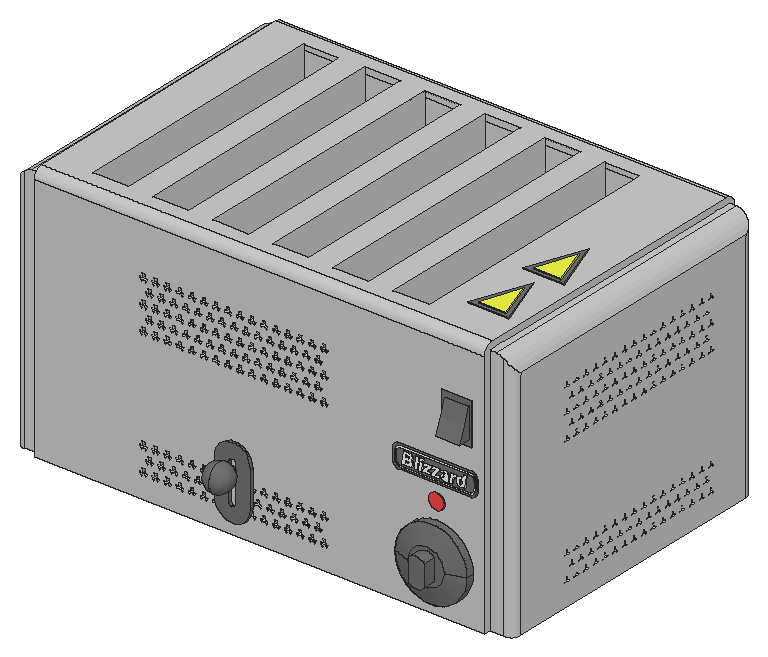
Revit family "QF_BLIZZARD_B6ST", category Specialty Equipment, Revit 2016
Family settings
  Part Type = Normal
  Round Connector Dimension = Use Diameter
  OmniClass Number = 23.40.40.14
  OmniClass Title = Food Service Equipment
  Work Plane-Based = No
  Always vertical = Yes
  Cut with Voids When Loaded = No
  Shared = No
  Room Calculation Point = No
Parameters (values of type "B6ST")
  URL = "www.blizzardequipment.com"
  Show Logo [instance] = yes
  Show Clearance [instance] = yes
  Model = "B6ST"
  Manufacturer = "BLIZZARD"
  Description = "STAINLESS STEEL 6 SLOT TOASTER 2500W"
  Assembly Code = "E1090320"
Reference planes
  plane 1 "Back": y = 0
  plane 2: z = 0
  plane 3 "Left": x = 0
  plane 4 "Right": x = 414
  plane 5 "Front": y = -259
  plane 6 "Top": z = 214
Forms (mm)
  Extrusion 1, solid
    sketch origin (-174.09, 571, -292.572) x (1, 0, 0) y (0, 0, 1)
      loop
        circle (528.422, 332.977) r 30
    from 830 to 836
  Extrusion 2, solid
    sketch origin (0, 0, 0) x (1, 0, 0) y (0, 1, 0)
      loop
        arc (8, -5) -> (2.343, -7.343) -> (0, -13) r 8
        line (0, -13) -> (0, -246)
        arc (0, -246) -> (2.343, -251.657) -> (8, -254) r 8
        line (8, -254) -> (20.004, -254) -> (20.004, -5) -> (8, -5)
    from 0 to 209
  Extrusion 3, void
    sketch origin (0, 0, 0) x (1, 0, 0) y (0, 0, 1)
      loop
        line (20.045, 210) -> (-1, 210) -> (-1, 188.955)
        arc (-1, 188.955) -> (5.164, 203.836) -> (20.045, 210) r 21.045
    from -5.883 to 274
  Extrusion 4, solid
    sketch origin (0, 0, 0) x (0, 1, 0) y (0, 0, 1)
      loop
        line (-5, 0) -> (0, 0) -> (0, 206)
        arc (0, 206) -> (-2.343, 211.657) -> (-8, 214) r 8
        line (-8, 214) -> (-19.5, 214) -> (-19.5, 209) -> (-13, 209)
        arc (-13, 209) -> (-7.343, 206.657) -> (-5, 201) r 8
        line (-5, 201) -> (-5, 0)
      loop
        line (-239.5, 214) -> (-251, 214)
        arc (-251, 214) -> (-256.657, 211.657) -> (-259, 206) r 8
        line (-259, 206) -> (-259, 0) -> (-254, 0) -> (-254, 201)
        arc (-254, 201) -> (-251.657, 206.657) -> (-246, 209) r 8
        line (-246, 209) -> (-239.5, 209) -> (-239.5, 214)
    from 20.004 to 393.996
  Extrusion 5, solid
    sketch origin (414, 0, 0) x (-1, 0, 0) y (0, -1, 0)
      loop
        line (8, 5) -> (20.004, 5) -> (20.004, 254) -> (8, 254)
        arc (8, 254) -> (2.343, 251.657) -> (0, 246) r 8
        line (0, 246) -> (0, 13)
        arc (0, 13) -> (2.343, 7.343) -> (8, 5) r 8
    from 0 to 209
  Extrusion 6, void
    sketch origin (414, 0, 0) x (-1, 0, 0) y (0, 0, -1)
      loop
        arc (20.045, -210) -> (5.164, -203.836) -> (-1, -188.955) r 21.045
        line (-1, -188.955) -> (-1, -210) -> (20.045, -210)
    from -5.883 to 274
  Blend 7, solid
    base sketch origin (14.142, 4, -14.142) x (1, 0, 0) y (0, 0, 1)
      loop
        circle (340.19, 54.547) r 30
    top sketch origin (14.142, 0, -14.142) x (1, 0, 0) y (0, 0, 1)
      loop
        circle (340.19, 54.547) r 15
    from 269 to 270
  Extrusion 8, solid
    sketch origin (14.142, 0, -14.142) x (1, 0, 0) y (0, 0, 1)
      loop
        line (333.878, 63.993) -> (333.878, 45.1)
        arc (333.878, 45.1) -> (340.399, 42.549) -> (346.795, 45.397) r 9.078
        line (346.795, 45.397) -> (346.795, 63.696)
        arc (346.795, 63.696) -> (340.399, 66.544) -> (333.878, 63.993) r 9.078
    from 270 to 280
  Extrusion 9, solid, visible <- "Show Logo"
    sketch origin (295.541, -257.2, -35.819) x (1, 0, 0) y (0, 0, 1)
      loop
        arc (22.13, 139.05) -> (23.822, 134.965) -> (27.907, 133.273) r 5.777
        line (27.907, 133.273) -> (86.809, 133.273)
        arc (86.809, 133.273) -> (90.894, 134.965) -> (92.585, 139.05) r 5.777
        line (92.585, 139.05) -> (92.585, 147.215)
        arc (92.585, 147.215) -> (90.894, 151.299) -> (86.809, 152.991) r 5.777
        line (86.809, 152.991) -> (27.907, 152.991)
        arc (27.907, 152.991) -> (23.822, 151.299) -> (22.13, 147.215) r 5.777
        line (22.13, 147.215) -> (22.13, 139.05)
    from 0 to 2
  Extrusion 10, solid, visible <- "Show Logo"
    sketch origin (295.541, -257.4, -30.81) x (1, 0, 0) y (0, 0, 1)
      loop
        line (30.3, 133.137) -> (36.162, 133.137)
        arc (36.162, 133.137) -> (39.122, 134.994) -> (38.048, 138.319) r 2.844
        arc (38.048, 138.319) -> (38.838, 141.267) -> (36.338, 143.017) r 2.66
        line (36.338, 143.017) -> (31.338, 143.017) -> (30.3, 133.137)
      loop
        line (33.066, 135.126) -> (35.993, 135.126)
        arc (35.993, 135.126) -> (36.943, 136.076) -> (35.993, 137.026) r 0.95
        line (35.993, 137.026) -> (33.066, 137.026) -> (33.066, 135.126)
      loop
        line (33.528, 139.285) -> (36.147, 139.285)
        arc (36.147, 139.285) -> (36.994, 140.133) -> (36.147, 140.98) r 0.847
        line (36.147, 140.98) -> (33.528, 140.98) -> (33.528, 139.285)
      loop
        line (40.306, 133.137) -> (42.874, 133.137) -> (43.912, 143.017) -> (41.344, 143.017) -> (40.306, 133.137)
      loop
        line (45.174, 140.98) -> (47.749, 140.98) -> (47.964, 143.017) -> (45.389, 143.017) -> (45.174, 140.98)
      loop
        line (45.104, 140.313) -> (44.35, 133.137) -> (46.671, 133.137) -> (47.425, 140.313) -> (45.104, 140.313)
      loop
        line (48.314, 138.359) -> (51.196, 138.359) -> (47.765, 134.548) -> (47.765, 133.137) -> (54.184, 133.137) -> (54.393, 135.126) -> (51.213, 135.126) -> (54.657, 138.952) -> (54.657, 140.313) -> (48.519, 140.313) -> (48.314, 138.359)
      loop
        line (55.213, 138.359) -> (58.095, 138.359) -> (54.664, 134.548) -> (54.664, 133.137) -> (61.084, 133.137) -> (61.293, 135.126) -> (58.112, 135.126) -> (61.557, 138.952) -> (61.557, 140.313) -> (55.419, 140.313) -> (55.213, 138.359)
      loop
        arc (64.816, 137.983) -> (65.785, 138.952) -> (66.753, 137.983) r 0.969
        line (66.753, 137.983) -> (64.711, 137.436)
        arc (64.711, 137.436) -> (62.642, 134.297) -> (66.342, 133.633) r 2.251
        line (66.342, 133.633) -> (66.77, 132.921) -> (69.168, 132.921) -> (68.641, 134.052) -> (69.084, 138.274)
        arc (69.084, 138.274) -> (65.782, 140.567) -> (62.514, 138.225) r 3.488
        line (62.514, 138.225) -> (64.816, 137.983)
      loop
        line (69.848, 133.137) -> (72.232, 133.137) -> (72.59, 136.546)
        arc (72.59, 136.546) -> (73.413, 137.974) -> (75.025, 138.32) r 2.029
        line (75.025, 138.32) -> (75.83, 140.313)
        arc (75.83, 140.313) -> (74.279, 140.541) -> (72.927, 139.749) r 2.362
        line (72.927, 139.749) -> (72.927, 140.627) -> (70.635, 140.627) -> (69.848, 133.137)
      loop
        line (82.596, 133.137) -> (83.635, 143.017) -> (81.373, 143.017) -> (81.031, 139.764)
        arc (81.031, 139.764) -> (75.402, 137.124) -> (80.359, 133.372) r 3.631
        line (80.359, 133.372) -> (82.596, 133.137)
      loop
        spline (78.956, 134.82) -> (79.32, 134.851) -> (79.675, 135.016) -> (79.994, 135.304) -> (80.258, 135.695) -> (80.446, 136.164) -> (80.548, 136.677) -> (80.555, 137.2) -> (80.468, 137.697) -> (80.292, 138.134) -> (80.039, 138.483) -> (79.727, 138.718) -> (79.376, 138.823)
        spline (79.376, 138.823) -> (79.011, 138.793) -> (78.657, 138.628) -> (78.338, 138.34) -> (78.074, 137.948) -> (77.886, 137.48) -> (77.784, 136.967) -> (77.777, 136.444) -> (77.864, 135.947) -> (78.04, 135.509) -> (78.293, 135.161) -> (78.605, 134.926) -> (78.956, 134.82)
      loop
        line (66.385, 136.28) -> (64.729, 135.958)
        arc (64.729, 135.958) -> (64.361, 135.233) -> (65.042, 134.788) r 0.609
        arc (65.042, 134.788) -> (66.068, 135.215) -> (66.385, 136.28) r 1.295
      loop
        line (85.459, 146.184) -> (29.578, 146.184)
        arc (29.578, 146.184) -> (25.494, 144.492) -> (23.802, 140.407) r 5.777
        line (23.802, 140.407) -> (23.802, 135.662)
        arc (23.802, 135.662) -> (25.494, 131.578) -> (29.578, 129.886) r 5.777
        line (29.578, 129.886) -> (85.459, 129.886)
        arc (85.459, 129.886) -> (89.544, 131.578) -> (91.236, 135.662) r 5.777
        line (91.236, 135.662) -> (91.236, 140.407)
        arc (91.236, 140.407) -> (89.544, 144.492) -> (85.459, 146.184) r 5.777
      loop
        line (85.459, 145.184) -> (29.578, 145.184)
        arc (29.578, 145.184) -> (26.201, 143.785) -> (24.802, 140.407) r 4.777
        line (24.802, 140.407) -> (24.802, 135.662)
        arc (24.802, 135.662) -> (26.201, 132.285) -> (29.578, 130.886) r 4.777
        line (29.578, 130.886) -> (85.459, 130.886)
        arc (85.459, 130.886) -> (88.837, 132.285) -> (90.236, 135.662) r 4.777
        line (90.236, 135.662) -> (90.236, 140.407)
        arc (90.236, 140.407) -> (88.837, 143.785) -> (85.459, 145.184) r 4.777
    from 0 to 2
  Extrusion 11, solid
    sketch origin (301.566, -258.073, 333.205) x (0, 0, -1) y (1, 0, 0)
      loop
        circle (248.792, 52.683) r 6.466
    from -0.205 to 1.127
  Extrusion 12, solid
    sketch origin (301.566, -258.073, 393.205) x (0, 0, -1) y (1, 0, 0)
      loop
        line (223.553, 57.091) -> (258.553, 57.091) -> (258.553, 82.091) -> (223.553, 82.091) -> (223.553, 57.091)
    from -0.205 to 1.127
  Extrusion 13, solid
    sketch origin (0.219, 0, 0) x (0, 1, 0) y (0, 0, 1)
      loop
        line (-259.2, 139.652) -> (-259.2, 164.652)
        arc (-259.2, 164.652) -> (-263.234, 151.766) -> (-269.2, 139.652) r 87.603
        line (-269.2, 139.652) -> (-259.2, 139.652)
    from 360.937 to 380.937
  Extrusion 14, solid
    sketch origin (0, 0, -23.912) x (1, 0, 0) y (0, 1, 0)
      loop
        line (349.435, -220.926) -> (383.637, -220.926) -> (366.536, -173.941) -> (349.435, -220.926)
    from 236.112 to 238.112
  Extrusion 15, solid
    sketch origin (0, 0, -23.712) x (1, 0, 0) y (0, 1, 0)
      loop
        line (355.163, -217.052) -> (377.909, -217.052) -> (366.536, -184.022) -> (355.163, -217.052)
    from 236.112 to 238.112
  Extrusion 16, solid
    sketch origin (0, 57.483, -23.912) x (1, 0, 0) y (0, 1, 0)
      loop
        line (349.435, -220.926) -> (383.637, -220.926) -> (366.536, -173.941) -> (349.435, -220.926)
    from 236.112 to 238.112
  Extrusion 17, solid
    sketch origin (0, 57.483, -23.712) x (1, 0, 0) y (0, 1, 0)
      loop
        line (355.163, -217.052) -> (377.909, -217.052) -> (366.536, -184.022) -> (355.163, -217.052)
    from 236.112 to 238.112
  Extrusion 18, void
    sketch origin (-237.181, 0, 0.393) x (1, 0, 0) y (0, 0, 1)
      loop
        arc (346.638, 167.822) -> (347.197, 165.546) -> (344.946, 164.892) r 1.694
        arc (344.946, 164.892) -> (345.397, 163.216) -> (346.622, 161.988) r 3.369
        arc (346.622, 161.988) -> (348.314, 163.61) -> (350.006, 161.988) r 1.694
        arc (350.006, 161.988) -> (351.232, 163.216) -> (351.683, 164.892) r 3.369
        arc (351.683, 164.892) -> (349.432, 165.546) -> (349.991, 167.822) r 1.694
        arc (349.991, 167.822) -> (348.314, 168.269) -> (346.638, 167.822) r 3.369
      loop
        arc (356.638, 167.822) -> (357.197, 165.546) -> (354.946, 164.892) r 1.694
        arc (354.946, 164.892) -> (355.397, 163.216) -> (356.622, 161.988) r 3.369
        arc (356.622, 161.988) -> (358.314, 163.61) -> (360.006, 161.988) r 1.694
        arc (360.006, 161.988) -> (361.232, 163.216) -> (361.683, 164.892) r 3.369
        arc (361.683, 164.892) -> (359.432, 165.546) -> (359.991, 167.822) r 1.694
        arc (359.991, 167.822) -> (358.314, 168.269) -> (356.638, 167.822) r 3.369
      loop
        arc (366.638, 167.822) -> (367.197, 165.546) -> (364.946, 164.892) r 1.694
        arc (364.946, 164.892) -> (365.397, 163.216) -> (366.622, 161.988) r 3.369
        arc (366.622, 161.988) -> (368.314, 163.61) -> (370.006, 161.988) r 1.694
        arc (370.006, 161.988) -> (371.232, 163.216) -> (371.683, 164.892) r 3.369
        arc (371.683, 164.892) -> (369.432, 165.546) -> (369.991, 167.822) r 1.694
        arc (369.991, 167.822) -> (368.314, 168.269) -> (366.638, 167.822) r 3.369
      loop
        arc (376.638, 167.822) -> (377.197, 165.546) -> (374.946, 164.892) r 1.694
        arc (374.946, 164.892) -> (375.397, 163.216) -> (376.622, 161.988) r 3.369
        arc (376.622, 161.988) -> (378.314, 163.61) -> (380.006, 161.988) r 1.694
        arc (380.006, 161.988) -> (381.232, 163.216) -> (381.683, 164.892) r 3.369
        arc (381.683, 164.892) -> (379.432, 165.546) -> (379.991, 167.822) r 1.694
        arc (379.991, 167.822) -> (378.314, 168.269) -> (376.638, 167.822) r 3.369
      loop
        arc (386.638, 167.822) -> (387.197, 165.546) -> (384.946, 164.892) r 1.694
        arc (384.946, 164.892) -> (385.397, 163.216) -> (386.622, 161.988) r 3.369
        arc (386.622, 161.988) -> (388.314, 163.61) -> (390.006, 161.988) r 1.694
        arc (390.006, 161.988) -> (391.232, 163.216) -> (391.683, 164.892) r 3.369
        arc (391.683, 164.892) -> (389.432, 165.546) -> (389.991, 167.822) r 1.694
        arc (389.991, 167.822) -> (388.314, 168.269) -> (386.638, 167.822) r 3.369
      loop
        arc (396.638, 167.822) -> (397.197, 165.546) -> (394.946, 164.892) r 1.694
        arc (394.946, 164.892) -> (395.397, 163.216) -> (396.622, 161.988) r 3.369
        arc (396.622, 161.988) -> (398.314, 163.61) -> (400.006, 161.988) r 1.694
        arc (400.006, 161.988) -> (401.232, 163.216) -> (401.683, 164.892) r 3.369
        arc (401.683, 164.892) -> (399.432, 165.546) -> (399.991, 167.822) r 1.694
        arc (399.991, 167.822) -> (398.314, 168.269) -> (396.638, 167.822) r 3.369
      loop
        arc (406.638, 167.822) -> (407.197, 165.546) -> (404.946, 164.892) r 1.694
        arc (404.946, 164.892) -> (405.397, 163.216) -> (406.622, 161.988) r 3.369
        arc (406.622, 161.988) -> (408.314, 163.61) -> (410.006, 161.988) r 1.694
        arc (410.006, 161.988) -> (411.232, 163.216) -> (411.683, 164.892) r 3.369
        arc (411.683, 164.892) -> (409.432, 165.546) -> (409.991, 167.822) r 1.694
        arc (409.991, 167.822) -> (408.314, 168.269) -> (406.638, 167.822) r 3.369
      loop
        arc (416.638, 167.822) -> (417.197, 165.546) -> (414.946, 164.892) r 1.694
        arc (414.946, 164.892) -> (415.397, 163.216) -> (416.622, 161.988) r 3.369
        arc (416.622, 161.988) -> (418.314, 163.61) -> (420.006, 161.988) r 1.694
        arc (420.006, 161.988) -> (421.232, 163.216) -> (421.683, 164.892) r 3.369
        arc (421.683, 164.892) -> (419.432, 165.546) -> (419.991, 167.822) r 1.694
        arc (419.991, 167.822) -> (418.314, 168.269) -> (416.638, 167.822) r 3.369
      loop
        arc (426.638, 167.822) -> (427.197, 165.546) -> (424.946, 164.892) r 1.694
        arc (424.946, 164.892) -> (425.397, 163.216) -> (426.622, 161.988) r 3.369
        arc (426.622, 161.988) -> (428.314, 163.61) -> (430.006, 161.988) r 1.694
        arc (430.006, 161.988) -> (431.232, 163.216) -> (431.683, 164.892) r 3.369
        arc (431.683, 164.892) -> (429.432, 165.546) -> (429.991, 167.822) r 1.694
        arc (429.991, 167.822) -> (428.314, 168.269) -> (426.638, 167.822) r 3.369
      loop
        arc (436.638, 167.822) -> (437.197, 165.546) -> (434.946, 164.892) r 1.694
        arc (434.946, 164.892) -> (435.397, 163.216) -> (436.622, 161.988) r 3.369
        arc (436.622, 161.988) -> (438.314, 163.61) -> (440.006, 161.988) r 1.694
        arc (440.006, 161.988) -> (441.232, 163.216) -> (441.683, 164.892) r 3.369
        arc (441.683, 164.892) -> (439.432, 165.546) -> (439.991, 167.822) r 1.694
        arc (439.991, 167.822) -> (438.314, 168.269) -> (436.638, 167.822) r 3.369
      loop
        arc (446.638, 167.822) -> (447.197, 165.546) -> (444.946, 164.892) r 1.694
        arc (444.946, 164.892) -> (445.397, 163.216) -> (446.622, 161.988) r 3.369
        arc (446.622, 161.988) -> (448.314, 163.61) -> (450.006, 161.988) r 1.694
        arc (450.006, 161.988) -> (451.232, 163.216) -> (451.683, 164.892) r 3.369
        arc (451.683, 164.892) -> (449.432, 165.546) -> (449.991, 167.822) r 1.694
        arc (449.991, 167.822) -> (448.314, 168.269) -> (446.638, 167.822) r 3.369
      loop
        arc (456.638, 167.822) -> (457.197, 165.546) -> (454.946, 164.892) r 1.694
        arc (454.946, 164.892) -> (455.397, 163.216) -> (456.622, 161.988) r 3.369
        arc (456.622, 161.988) -> (458.314, 163.61) -> (460.006, 161.988) r 1.694
        arc (460.006, 161.988) -> (461.232, 163.216) -> (461.683, 164.892) r 3.369
        arc (461.683, 164.892) -> (459.432, 165.546) -> (459.991, 167.822) r 1.694
        arc (459.991, 167.822) -> (458.314, 168.269) -> (456.638, 167.822) r 3.369
      loop
        arc (466.638, 167.822) -> (467.197, 165.546) -> (464.946, 164.892) r 1.694
        arc (464.946, 164.892) -> (465.397, 163.216) -> (466.622, 161.988) r 3.369
        arc (466.622, 161.988) -> (468.314, 163.61) -> (470.006, 161.988) r 1.694
        arc (470.006, 161.988) -> (471.232, 163.216) -> (471.683, 164.892) r 3.369
        arc (471.683, 164.892) -> (469.432, 165.546) -> (469.991, 167.822) r 1.694
        arc (469.991, 167.822) -> (468.314, 168.269) -> (466.638, 167.822) r 3.369
      loop
        arc (476.638, 167.822) -> (477.197, 165.546) -> (474.946, 164.892) r 1.694
        arc (474.946, 164.892) -> (475.397, 163.216) -> (476.622, 161.988) r 3.369
        arc (476.622, 161.988) -> (478.314, 163.61) -> (480.006, 161.988) r 1.694
        arc (480.006, 161.988) -> (481.232, 163.216) -> (481.683, 164.892) r 3.369
        arc (481.683, 164.892) -> (479.432, 165.546) -> (479.991, 167.822) r 1.694
        arc (479.991, 167.822) -> (478.314, 168.269) -> (476.638, 167.822) r 3.369
      loop
        arc (486.638, 167.822) -> (487.197, 165.546) -> (484.946, 164.892) r 1.694
        arc (484.946, 164.892) -> (485.397, 163.216) -> (486.622, 161.988) r 3.369
        arc (486.622, 161.988) -> (488.314, 163.61) -> (490.006, 161.988) r 1.694
        arc (490.006, 161.988) -> (491.232, 163.216) -> (491.683, 164.892) r 3.369
        arc (491.683, 164.892) -> (489.432, 165.546) -> (489.991, 167.822) r 1.694
        arc (489.991, 167.822) -> (488.314, 168.269) -> (486.638, 167.822) r 3.369
      loop
        arc (496.638, 167.822) -> (497.197, 165.546) -> (494.946, 164.892) r 1.694
        arc (494.946, 164.892) -> (495.397, 163.216) -> (496.622, 161.988) r 3.369
        arc (496.622, 161.988) -> (498.314, 163.61) -> (500.006, 161.988) r 1.694
        arc (500.006, 161.988) -> (501.232, 163.216) -> (501.683, 164.892) r 3.369
        arc (501.683, 164.892) -> (499.432, 165.546) -> (499.991, 167.822) r 1.694
        arc (499.991, 167.822) -> (498.314, 168.269) -> (496.638, 167.822) r 3.369
      loop
        arc (351.638, 157.822) -> (352.197, 155.546) -> (349.946, 154.892) r 1.694
        arc (349.946, 154.892) -> (350.397, 153.216) -> (351.622, 151.988) r 3.369
        arc (351.622, 151.988) -> (353.314, 153.61) -> (355.006, 151.988) r 1.694
        arc (355.006, 151.988) -> (356.232, 153.216) -> (356.683, 154.892) r 3.369
        arc (356.683, 154.892) -> (354.432, 155.546) -> (354.991, 157.822) r 1.694
        arc (354.991, 157.822) -> (353.314, 158.269) -> (351.638, 157.822) r 3.369
      loop
        arc (361.638, 157.822) -> (362.197, 155.546) -> (359.946, 154.892) r 1.694
        arc (359.946, 154.892) -> (360.397, 153.216) -> (361.622, 151.988) r 3.369
        arc (361.622, 151.988) -> (363.314, 153.61) -> (365.006, 151.988) r 1.694
        arc (365.006, 151.988) -> (366.232, 153.216) -> (366.683, 154.892) r 3.369
        arc (366.683, 154.892) -> (364.432, 155.546) -> (364.991, 157.822) r 1.694
        arc (364.991, 157.822) -> (363.314, 158.269) -> (361.638, 157.822) r 3.369
      loop
        arc (371.638, 157.822) -> (372.197, 155.546) -> (369.946, 154.892) r 1.694
        arc (369.946, 154.892) -> (370.397, 153.216) -> (371.622, 151.988) r 3.369
        arc (371.622, 151.988) -> (373.314, 153.61) -> (375.006, 151.988) r 1.694
        arc (375.006, 151.988) -> (376.232, 153.216) -> (376.683, 154.892) r 3.369
        arc (376.683, 154.892) -> (374.432, 155.546) -> (374.991, 157.822) r 1.694
        arc (374.991, 157.822) -> (373.314, 158.269) -> (371.638, 157.822) r 3.369
      loop
        arc (381.638, 157.822) -> (382.197, 155.546) -> (379.946, 154.892) r 1.694
        arc (379.946, 154.892) -> (380.397, 153.216) -> (381.622, 151.988) r 3.369
        arc (381.622, 151.988) -> (383.314, 153.61) -> (385.006, 151.988) r 1.694
        arc (385.006, 151.988) -> (386.232, 153.216) -> (386.683, 154.892) r 3.369
        arc (386.683, 154.892) -> (384.432, 155.546) -> (384.991, 157.822) r 1.694
        arc (384.991, 157.822) -> (383.314, 158.269) -> (381.638, 157.822) r 3.369
      loop
        arc (391.638, 157.822) -> (392.197, 155.546) -> (389.946, 154.892) r 1.694
        arc (389.946, 154.892) -> (390.397, 153.216) -> (391.622, 151.988) r 3.369
        arc (391.622, 151.988) -> (393.314, 153.61) -> (395.006, 151.988) r 1.694
        arc (395.006, 151.988) -> (396.232, 153.216) -> (396.683, 154.892) r 3.369
        arc (396.683, 154.892) -> (394.432, 155.546) -> (394.991, 157.822) r 1.694
        arc (394.991, 157.822) -> (393.314, 158.269) -> (391.638, 157.822) r 3.369
      loop
        arc (401.638, 157.822) -> (402.197, 155.546) -> (399.946, 154.892) r 1.694
        arc (399.946, 154.892) -> (400.397, 153.216) -> (401.622, 151.988) r 3.369
        arc (401.622, 151.988) -> (403.314, 153.61) -> (405.006, 151.988) r 1.694
        arc (405.006, 151.988) -> (406.232, 153.216) -> (406.683, 154.892) r 3.369
        arc (406.683, 154.892) -> (404.432, 155.546) -> (404.991, 157.822) r 1.694
        arc (404.991, 157.822) -> (403.314, 158.269) -> (401.638, 157.822) r 3.369
      loop
        arc (411.638, 157.822) -> (412.197, 155.546) -> (409.946, 154.892) r 1.694
        arc (409.946, 154.892) -> (410.397, 153.216) -> (411.622, 151.988) r 3.369
        arc (411.622, 151.988) -> (413.314, 153.61) -> (415.006, 151.988) r 1.694
        arc (415.006, 151.988) -> (416.232, 153.216) -> (416.683, 154.892) r 3.369
        arc (416.683, 154.892) -> (414.432, 155.546) -> (414.991, 157.822) r 1.694
        arc (414.991, 157.822) -> (413.314, 158.269) -> (411.638, 157.822) r 3.369
      loop
        arc (421.638, 157.822) -> (422.197, 155.546) -> (419.946, 154.892) r 1.694
        arc (419.946, 154.892) -> (420.397, 153.216) -> (421.622, 151.988) r 3.369
        arc (421.622, 151.988) -> (423.314, 153.61) -> (425.006, 151.988) r 1.694
        arc (425.006, 151.988) -> (426.232, 153.216) -> (426.683, 154.892) r 3.369
        arc (426.683, 154.892) -> (424.432, 155.546) -> (424.991, 157.822) r 1.694
        arc (424.991, 157.822) -> (423.314, 158.269) -> (421.638, 157.822) r 3.369
      loop
        arc (431.638, 157.822) -> (432.197, 155.546) -> (429.946, 154.892) r 1.694
        arc (429.946, 154.892) -> (430.397, 153.216) -> (431.622, 151.988) r 3.369
        arc (431.622, 151.988) -> (433.314, 153.61) -> (435.006, 151.988) r 1.694
        arc (435.006, 151.988) -> (436.232, 153.216) -> (436.683, 154.892) r 3.369
        arc (436.683, 154.892) -> (434.432, 155.546) -> (434.991, 157.822) r 1.694
        arc (434.991, 157.822) -> (433.314, 158.269) -> (431.638, 157.822) r 3.369
      loop
        arc (441.638, 157.822) -> (442.197, 155.546) -> (439.946, 154.892) r 1.694
        arc (439.946, 154.892) -> (440.397, 153.216) -> (441.622, 151.988) r 3.369
        arc (441.622, 151.988) -> (443.314, 153.61) -> (445.006, 151.988) r 1.694
        arc (445.006, 151.988) -> (446.232, 153.216) -> (446.683, 154.892) r 3.369
        arc (446.683, 154.892) -> (444.432, 155.546) -> (444.991, 157.822) r 1.694
        arc (444.991, 157.822) -> (443.314, 158.269) -> (441.638, 157.822) r 3.369
      loop
        arc (451.638, 157.822) -> (452.197, 155.546) -> (449.946, 154.892) r 1.694
        arc (449.946, 154.892) -> (450.397, 153.216) -> (451.622, 151.988) r 3.369
        arc (451.622, 151.988) -> (453.314, 153.61) -> (455.006, 151.988) r 1.694
        arc (455.006, 151.988) -> (456.232, 153.216) -> (456.683, 154.892) r 3.369
        arc (456.683, 154.892) -> (454.432, 155.546) -> (454.991, 157.822) r 1.694
        arc (454.991, 157.822) -> (453.314, 158.269) -> (451.638, 157.822) r 3.369
      loop
        arc (461.638, 157.822) -> (462.197, 155.546) -> (459.946, 154.892) r 1.694
        arc (459.946, 154.892) -> (460.397, 153.216) -> (461.622, 151.988) r 3.369
        arc (461.622, 151.988) -> (463.314, 153.61) -> (465.006, 151.988) r 1.694
        arc (465.006, 151.988) -> (466.232, 153.216) -> (466.683, 154.892) r 3.369
        arc (466.683, 154.892) -> (464.432, 155.546) -> (464.991, 157.822) r 1.694
        arc (464.991, 157.822) -> (463.314, 158.269) -> (461.638, 157.822) r 3.369
      loop
        arc (471.638, 157.822) -> (472.197, 155.546) -> (469.946, 154.892) r 1.694
        arc (469.946, 154.892) -> (470.397, 153.216) -> (471.622, 151.988) r 3.369
        arc (471.622, 151.988) -> (473.314, 153.61) -> (475.006, 151.988) r 1.694
        arc (475.006, 151.988) -> (476.232, 153.216) -> (476.683, 154.892) r 3.369
        arc (476.683, 154.892) -> (474.432, 155.546) -> (474.991, 157.822) r 1.694
        arc (474.991, 157.822) -> (473.314, 158.269) -> (471.638, 157.822) r 3.369
      loop
        arc (481.638, 157.822) -> (482.197, 155.546) -> (479.946, 154.892) r 1.694
        arc (479.946, 154.892) -> (480.397, 153.216) -> (481.622, 151.988) r 3.369
        arc (481.622, 151.988) -> (483.314, 153.61) -> (485.006, 151.988) r 1.694
        arc (485.006, 151.988) -> (486.232, 153.216) -> (486.683, 154.892) r 3.369
        arc (486.683, 154.892) -> (484.432, 155.546) -> (484.991, 157.822) r 1.694
        arc (484.991, 157.822) -> (483.314, 158.269) -> (481.638, 157.822) r 3.369
      loop
        arc (491.638, 157.822) -> (492.197, 155.546) -> (489.946, 154.892) r 1.694
        arc (489.946, 154.892) -> (490.397, 153.216) -> (491.622, 151.988) r 3.369
        arc (491.622, 151.988) -> (493.314, 153.61) -> (495.006, 151.988) r 1.694
        arc (495.006, 151.988) -> (496.232, 153.216) -> (496.683, 154.892) r 3.369
        arc (496.683, 154.892) -> (494.432, 155.546) -> (494.991, 157.822) r 1.694
        arc (494.991, 157.822) -> (493.314, 158.269) -> (491.638, 157.822) r 3.369
      loop
        arc (346.638, 147.822) -> (347.197, 145.546) -> (344.946, 144.892) r 1.694
        arc (344.946, 144.892) -> (345.397, 143.216) -> (346.622, 141.988) r 3.369
        arc (346.622, 141.988) -> (348.314, 143.61) -> (350.006, 141.988) r 1.694
        arc (350.006, 141.988) -> (351.232, 143.216) -> (351.683, 144.892) r 3.369
        arc (351.683, 144.892) -> (349.432, 145.546) -> (349.991, 147.822) r 1.694
        arc (349.991, 147.822) -> (348.314, 148.269) -> (346.638, 147.822) r 3.369
      loop
        arc (356.638, 147.822) -> (357.197, 145.546) -> (354.946, 144.892) r 1.694
        arc (354.946, 144.892) -> (355.397, 143.216) -> (356.622, 141.988) r 3.369
        arc (356.622, 141.988) -> (358.314, 143.61) -> (360.006, 141.988) r 1.694
        arc (360.006, 141.988) -> (361.232, 143.216) -> (361.683, 144.892) r 3.369
        arc (361.683, 144.892) -> (359.432, 145.546) -> (359.991, 147.822) r 1.694
        arc (359.991, 147.822) -> (358.314, 148.269) -> (356.638, 147.822) r 3.369
      loop
        arc (366.638, 147.822) -> (367.197, 145.546) -> (364.946, 144.892) r 1.694
        arc (364.946, 144.892) -> (365.397, 143.216) -> (366.622, 141.988) r 3.369
        arc (366.622, 141.988) -> (368.314, 143.61) -> (370.006, 141.988) r 1.694
        arc (370.006, 141.988) -> (371.232, 143.216) -> (371.683, 144.892) r 3.369
        arc (371.683, 144.892) -> (369.432, 145.546) -> (369.991, 147.822) r 1.694
        arc (369.991, 147.822) -> (368.314, 148.269) -> (366.638, 147.822) r 3.369
      loop
        arc (376.638, 147.822) -> (377.197, 145.546) -> (374.946, 144.892) r 1.694
        arc (374.946, 144.892) -> (375.397, 143.216) -> (376.622, 141.988) r 3.369
        arc (376.622, 141.988) -> (378.314, 143.61) -> (380.006, 141.988) r 1.694
        arc (380.006, 141.988) -> (381.232, 143.216) -> (381.683, 144.892) r 3.369
        arc (381.683, 144.892) -> (379.432, 145.546) -> (379.991, 147.822) r 1.694
        arc (379.991, 147.822) -> (378.314, 148.269) -> (376.638, 147.822) r 3.369
      loop
        arc (386.638, 147.822) -> (387.197, 145.546) -> (384.946, 144.892) r 1.694
        arc (384.946, 144.892) -> (385.397, 143.216) -> (386.622, 141.988) r 3.369
        arc (386.622, 141.988) -> (388.314, 143.61) -> (390.006, 141.988) r 1.694
        arc (390.006, 141.988) -> (391.232, 143.216) -> (391.683, 144.892) r 3.369
        arc (391.683, 144.892) -> (389.432, 145.546) -> (389.991, 147.822) r 1.694
        arc (389.991, 147.822) -> (388.314, 148.269) -> (386.638, 147.822) r 3.369
      loop
        arc (396.638, 147.822) -> (397.197, 145.546) -> (394.946, 144.892) r 1.694
        arc (394.946, 144.892) -> (395.397, 143.216) -> (396.622, 141.988) r 3.369
        arc (396.622, 141.988) -> (398.314, 143.61) -> (400.006, 141.988) r 1.694
        arc (400.006, 141.988) -> (401.232, 143.216) -> (401.683, 144.892) r 3.369
        arc (401.683, 144.892) -> (399.432, 145.546) -> (399.991, 147.822) r 1.694
        arc (399.991, 147.822) -> (398.314, 148.269) -> (396.638, 147.822) r 3.369
      loop
        arc (406.638, 147.822) -> (407.197, 145.546) -> (404.946, 144.892) r 1.694
        arc (404.946, 144.892) -> (405.397, 143.216) -> (406.622, 141.988) r 3.369
        arc (406.622, 141.988) -> (408.314, 143.61) -> (410.006, 141.988) r 1.694
        arc (410.006, 141.988) -> (411.232, 143.216) -> (411.683, 144.892) r 3.369
        arc (411.683, 144.892) -> (409.432, 145.546) -> (409.991, 147.822) r 1.694
        arc (409.991, 147.822) -> (408.314, 148.269) -> (406.638, 147.822) r 3.369
      loop
        arc (416.638, 147.822) -> (417.197, 145.546) -> (414.946, 144.892) r 1.694
        arc (414.946, 144.892) -> (415.397, 143.216) -> (416.622, 141.988) r 3.369
        arc (416.622, 141.988) -> (418.314, 143.61) -> (420.006, 141.988) r 1.694
        arc (420.006, 141.988) -> (421.232, 143.216) -> (421.683, 144.892) r 3.369
        arc (421.683, 144.892) -> (419.432, 145.546) -> (419.991, 147.822) r 1.694
        arc (419.991, 147.822) -> (418.314, 148.269) -> (416.638, 147.822) r 3.369
      loop
        arc (426.638, 147.822) -> (427.197, 145.546) -> (424.946, 144.892) r 1.694
        arc (424.946, 144.892) -> (425.397, 143.216) -> (426.622, 141.988) r 3.369
        arc (426.622, 141.988) -> (428.314, 143.61) -> (430.006, 141.988) r 1.694
        arc (430.006, 141.988) -> (431.232, 143.216) -> (431.683, 144.892) r 3.369
        arc (431.683, 144.892) -> (429.432, 145.546) -> (429.991, 147.822) r 1.694
        arc (429.991, 147.822) -> (428.314, 148.269) -> (426.638, 147.822) r 3.369
      loop
        arc (436.638, 147.822) -> (437.197, 145.546) -> (434.946, 144.892) r 1.694
        arc (434.946, 144.892) -> (435.397, 143.216) -> (436.622, 141.988) r 3.369
        arc (436.622, 141.988) -> (438.314, 143.61) -> (440.006, 141.988) r 1.694
        arc (440.006, 141.988) -> (441.232, 143.216) -> (441.683, 144.892) r 3.369
        arc (441.683, 144.892) -> (439.432, 145.546) -> (439.991, 147.822) r 1.694
        arc (439.991, 147.822) -> (438.314, 148.269) -> (436.638, 147.822) r 3.369
      loop
        arc (446.638, 147.822) -> (447.197, 145.546) -> (444.946, 144.892) r 1.694
        arc (444.946, 144.892) -> (445.397, 143.216) -> (446.622, 141.988) r 3.369
        arc (446.622, 141.988) -> (448.314, 143.61) -> (450.006, 141.988) r 1.694
        arc (450.006, 141.988) -> (451.232, 143.216) -> (451.683, 144.892) r 3.369
        arc (451.683, 144.892) -> (449.432, 145.546) -> (449.991, 147.822) r 1.694
        arc (449.991, 147.822) -> (448.314, 148.269) -> (446.638, 147.822) r 3.369
      loop
        arc (456.638, 147.822) -> (457.197, 145.546) -> (454.946, 144.892) r 1.694
        arc (454.946, 144.892) -> (455.397, 143.216) -> (456.622, 141.988) r 3.369
        arc (456.622, 141.988) -> (458.314, 143.61) -> (460.006, 141.988) r 1.694
        arc (460.006, 141.988) -> (461.232, 143.216) -> (461.683, 144.892) r 3.369
        arc (461.683, 144.892) -> (459.432, 145.546) -> (459.991, 147.822) r 1.694
        arc (459.991, 147.822) -> (458.314, 148.269) -> (456.638, 147.822) r 3.369
      loop
        arc (466.638, 147.822) -> (467.197, 145.546) -> (464.946, 144.892) r 1.694
        arc (464.946, 144.892) -> (465.397, 143.216) -> (466.622, 141.988) r 3.369
        arc (466.622, 141.988) -> (468.314, 143.61) -> (470.006, 141.988) r 1.694
        arc (470.006, 141.988) -> (471.232, 143.216) -> (471.683, 144.892) r 3.369
        arc (471.683, 144.892) -> (469.432, 145.546) -> (469.991, 147.822) r 1.694
        arc (469.991, 147.822) -> (468.314, 148.269) -> (466.638, 147.822) r 3.369
      loop
        arc (476.638, 147.822) -> (477.197, 145.546) -> (474.946, 144.892) r 1.694
        arc (474.946, 144.892) -> (475.397, 143.216) -> (476.622, 141.988) r 3.369
        arc (476.622, 141.988) -> (478.314, 143.61) -> (480.006, 141.988) r 1.694
        arc (480.006, 141.988) -> (481.232, 143.216) -> (481.683, 144.892) r 3.369
        arc (481.683, 144.892) -> (479.432, 145.546) -> (479.991, 147.822) r 1.694
        arc (479.991, 147.822) -> (478.314, 148.269) -> (476.638, 147.822) r 3.369
      loop
        arc (486.638, 147.822) -> (487.197, 145.546) -> (484.946, 144.892) r 1.694
        arc (484.946, 144.892) -> (485.397, 143.216) -> (486.622, 141.988) r 3.369
        arc (486.622, 141.988) -> (488.314, 143.61) -> (490.006, 141.988) r 1.694
        arc (490.006, 141.988) -> (491.232, 143.216) -> (491.683, 144.892) r 3.369
        arc (491.683, 144.892) -> (489.432, 145.546) -> (489.991, 147.822) r 1.694
        arc (489.991, 147.822) -> (488.314, 148.269) -> (486.638, 147.822) r 3.369
      loop
        arc (496.638, 147.822) -> (497.197, 145.546) -> (494.946, 144.892) r 1.694
        arc (494.946, 144.892) -> (495.397, 143.216) -> (496.622, 141.988) r 3.369
        arc (496.622, 141.988) -> (498.314, 143.61) -> (500.006, 141.988) r 1.694
        arc (500.006, 141.988) -> (501.232, 143.216) -> (501.683, 144.892) r 3.369
        arc (501.683, 144.892) -> (499.432, 145.546) -> (499.991, 147.822) r 1.694
        arc (499.991, 147.822) -> (498.314, 148.269) -> (496.638, 147.822) r 3.369
      loop
        arc (351.638, 137.822) -> (352.197, 135.546) -> (349.946, 134.892) r 1.694
        arc (349.946, 134.892) -> (350.397, 133.216) -> (351.622, 131.988) r 3.369
        arc (351.622, 131.988) -> (353.314, 133.61) -> (355.006, 131.988) r 1.694
        arc (355.006, 131.988) -> (356.232, 133.216) -> (356.683, 134.892) r 3.369
        arc (356.683, 134.892) -> (354.432, 135.546) -> (354.991, 137.822) r 1.694
        arc (354.991, 137.822) -> (353.314, 138.269) -> (351.638, 137.822) r 3.369
      loop
        arc (361.638, 137.822) -> (362.197, 135.546) -> (359.946, 134.892) r 1.694
        arc (359.946, 134.892) -> (360.397, 133.216) -> (361.622, 131.988) r 3.369
        arc (361.622, 131.988) -> (363.314, 133.61) -> (365.006, 131.988) r 1.694
        arc (365.006, 131.988) -> (366.232, 133.216) -> (366.683, 134.892) r 3.369
        arc (366.683, 134.892) -> (364.432, 135.546) -> (364.991, 137.822) r 1.694
        arc (364.991, 137.822) -> (363.314, 138.269) -> (361.638, 137.822) r 3.369
      loop
        arc (371.638, 137.822) -> (372.197, 135.546) -> (369.946, 134.892) r 1.694
        arc (369.946, 134.892) -> (370.397, 133.216) -> (371.622, 131.988) r 3.369
        arc (371.622, 131.988) -> (373.314, 133.61) -> (375.006, 131.988) r 1.694
        arc (375.006, 131.988) -> (376.232, 133.216) -> (376.683, 134.892) r 3.369
        arc (376.683, 134.892) -> (374.432, 135.546) -> (374.991, 137.822) r 1.694
        arc (374.991, 137.822) -> (373.314, 138.269) -> (371.638, 137.822) r 3.369
      loop
        arc (381.638, 137.822) -> (382.197, 135.546) -> (379.946, 134.892) r 1.694
        arc (379.946, 134.892) -> (380.397, 133.216) -> (381.622, 131.988) r 3.369
        arc (381.622, 131.988) -> (383.314, 133.61) -> (385.006, 131.988) r 1.694
        arc (385.006, 131.988) -> (386.232, 133.216) -> (386.683, 134.892) r 3.369
        arc (386.683, 134.892) -> (384.432, 135.546) -> (384.991, 137.822) r 1.694
        arc (384.991, 137.822) -> (383.314, 138.269) -> (381.638, 137.822) r 3.369
      loop
        arc (391.638, 137.822) -> (392.197, 135.546) -> (389.946, 134.892) r 1.694
        arc (389.946, 134.892) -> (390.397, 133.216) -> (391.622, 131.988) r 3.369
        arc (391.622, 131.988) -> (393.314, 133.61) -> (395.006, 131.988) r 1.694
        arc (395.006, 131.988) -> (396.232, 133.216) -> (396.683, 134.892) r 3.369
        arc (396.683, 134.892) -> (394.432, 135.546) -> (394.991, 137.822) r 1.694
        arc (394.991, 137.822) -> (393.314, 138.269) -> (391.638, 137.822) r 3.369
      loop
        arc (401.638, 137.822) -> (402.197, 135.546) -> (399.946, 134.892) r 1.694
        arc (399.946, 134.892) -> (400.397, 133.216) -> (401.622, 131.988) r 3.369
        arc (401.622, 131.988) -> (403.314, 133.61) -> (405.006, 131.988) r 1.694
        arc (405.006, 131.988) -> (406.232, 133.216) -> (406.683, 134.892) r 3.369
        arc (406.683, 134.892) -> (404.432, 135.546) -> (404.991, 137.822) r 1.694
        arc (404.991, 137.822) -> (403.314, 138.269) -> (401.638, 137.822) r 3.369
      loop
        arc (411.638, 137.822) -> (412.197, 135.546) -> (409.946, 134.892) r 1.694
        arc (409.946, 134.892) -> (410.397, 133.216) -> (411.622, 131.988) r 3.369
        arc (411.622, 131.988) -> (413.314, 133.61) -> (415.006, 131.988) r 1.694
        arc (415.006, 131.988) -> (416.232, 133.216) -> (416.683, 134.892) r 3.369
        arc (416.683, 134.892) -> (414.432, 135.546) -> (414.991, 137.822) r 1.694
        arc (414.991, 137.822) -> (413.314, 138.269) -> (411.638, 137.822) r 3.369
      loop
        arc (421.638, 137.822) -> (422.197, 135.546) -> (419.946, 134.892) r 1.694
        arc (419.946, 134.892) -> (420.397, 133.216) -> (421.622, 131.988) r 3.369
        arc (421.622, 131.988) -> (423.314, 133.61) -> (425.006, 131.988) r 1.694
        arc (425.006, 131.988) -> (426.232, 133.216) -> (426.683, 134.892) r 3.369
        arc (426.683, 134.892) -> (424.432, 135.546) -> (424.991, 137.822) r 1.694
        arc (424.991, 137.822) -> (423.314, 138.269) -> (421.638, 137.822) r 3.369
      loop
        arc (431.638, 137.822) -> (432.197, 135.546) -> (429.946, 134.892) r 1.694
        arc (429.946, 134.892) -> (430.397, 133.216) -> (431.622, 131.988) r 3.369
        arc (431.622, 131.988) -> (433.314, 133.61) -> (435.006, 131.988) r 1.694
        arc (435.006, 131.988) -> (436.232, 133.216) -> (436.683, 134.892) r 3.369
        arc (436.683, 134.892) -> (434.432, 135.546) -> (434.991, 137.822) r 1.694
        arc (434.991, 137.822) -> (433.314, 138.269) -> (431.638, 137.822) r 3.369
      loop
        arc (441.638, 137.822) -> (442.197, 135.546) -> (439.946, 134.892) r 1.694
        arc (439.946, 134.892) -> (440.397, 133.216) -> (441.622, 131.988) r 3.369
        arc (441.622, 131.988) -> (443.314, 133.61) -> (445.006, 131.988) r 1.694
        arc (445.006, 131.988) -> (446.232, 133.216) -> (446.683, 134.892) r 3.369
        arc (446.683, 134.892) -> (444.432, 135.546) -> (444.991, 137.822) r 1.694
        arc (444.991, 137.822) -> (443.314, 138.269) -> (441.638, 137.822) r 3.369
      loop
        arc (451.638, 137.822) -> (452.197, 135.546) -> (449.946, 134.892) r 1.694
        arc (449.946, 134.892) -> (450.397, 133.216) -> (451.622, 131.988) r 3.369
        arc (451.622, 131.988) -> (453.314, 133.61) -> (455.006, 131.988) r 1.694
        arc (455.006, 131.988) -> (456.232, 133.216) -> (456.683, 134.892) r 3.369
        arc (456.683, 134.892) -> (454.432, 135.546) -> (454.991, 137.822) r 1.694
        arc (454.991, 137.822) -> (453.314, 138.269) -> (451.638, 137.822) r 3.369
      loop
        arc (461.638, 137.822) -> (462.197, 135.546) -> (459.946, 134.892) r 1.694
        arc (459.946, 134.892) -> (460.397, 133.216) -> (461.622, 131.988) r 3.369
        arc (461.622, 131.988) -> (463.314, 133.61) -> (465.006, 131.988) r 1.694
        arc (465.006, 131.988) -> (466.232, 133.216) -> (466.683, 134.892) r 3.369
        arc (466.683, 134.892) -> (464.432, 135.546) -> (464.991, 137.822) r 1.694
        arc (464.991, 137.822) -> (463.314, 138.269) -> (461.638, 137.822) r 3.369
      loop
        arc (471.638, 137.822) -> (472.197, 135.546) -> (469.946, 134.892) r 1.694
        arc (469.946, 134.892) -> (470.397, 133.216) -> (471.622, 131.988) r 3.369
        arc (471.622, 131.988) -> (473.314, 133.61) -> (475.006, 131.988) r 1.694
        arc (475.006, 131.988) -> (476.232, 133.216) -> (476.683, 134.892) r 3.369
        arc (476.683, 134.892) -> (474.432, 135.546) -> (474.991, 137.822) r 1.694
        arc (474.991, 137.822) -> (473.314, 138.269) -> (471.638, 137.822) r 3.369
      loop
        arc (481.638, 137.822) -> (482.197, 135.546) -> (479.946, 134.892) r 1.694
        arc (479.946, 134.892) -> (480.397, 133.216) -> (481.622, 131.988) r 3.369
        arc (481.622, 131.988) -> (483.314, 133.61) -> (485.006, 131.988) r 1.694
        arc (485.006, 131.988) -> (486.232, 133.216) -> (486.683, 134.892) r 3.369
        arc (486.683, 134.892) -> (484.432, 135.546) -> (484.991, 137.822) r 1.694
        arc (484.991, 137.822) -> (483.314, 138.269) -> (481.638, 137.822) r 3.369
      loop
        arc (491.638, 137.822) -> (492.197, 135.546) -> (489.946, 134.892) r 1.694
        arc (489.946, 134.892) -> (490.397, 133.216) -> (491.622, 131.988) r 3.369
        arc (491.622, 131.988) -> (493.314, 133.61) -> (495.006, 131.988) r 1.694
        arc (495.006, 131.988) -> (496.232, 133.216) -> (496.683, 134.892) r 3.369
        arc (496.683, 134.892) -> (494.432, 135.546) -> (494.991, 137.822) r 1.694
        arc (494.991, 137.822) -> (493.314, 138.269) -> (491.638, 137.822) r 3.369
      loop
        arc (346.638, 127.822) -> (347.197, 125.546) -> (344.946, 124.892) r 1.694
        arc (344.946, 124.892) -> (345.397, 123.216) -> (346.622, 121.988) r 3.369
        arc (346.622, 121.988) -> (348.314, 123.61) -> (350.006, 121.988) r 1.694
        arc (350.006, 121.988) -> (351.232, 123.216) -> (351.683, 124.892) r 3.369
        arc (351.683, 124.892) -> (349.432, 125.546) -> (349.991, 127.822) r 1.694
        arc (349.991, 127.822) -> (348.314, 128.269) -> (346.638, 127.822) r 3.369
      loop
        arc (356.638, 127.822) -> (357.197, 125.546) -> (354.946, 124.892) r 1.694
        arc (354.946, 124.892) -> (355.397, 123.216) -> (356.622, 121.988) r 3.369
        arc (356.622, 121.988) -> (358.314, 123.61) -> (360.006, 121.988) r 1.694
        arc (360.006, 121.988) -> (361.232, 123.216) -> (361.683, 124.892) r 3.369
        arc (361.683, 124.892) -> (359.432, 125.546) -> (359.991, 127.822) r 1.694
        arc (359.991, 127.822) -> (358.314, 128.269) -> (356.638, 127.822) r 3.369
      loop
        arc (366.638, 127.822) -> (367.197, 125.546) -> (364.946, 124.892) r 1.694
        arc (364.946, 124.892) -> (365.397, 123.216) -> (366.622, 121.988) r 3.369
        arc (366.622, 121.988) -> (368.314, 123.61) -> (370.006, 121.988) r 1.694
        arc (370.006, 121.988) -> (371.232, 123.216) -> (371.683, 124.892) r 3.369
        arc (371.683, 124.892) -> (369.432, 125.546) -> (369.991, 127.822) r 1.694
        arc (369.991, 127.822) -> (368.314, 128.269) -> (366.638, 127.822) r 3.369
      loop
        arc (376.638, 127.822) -> (377.197, 125.546) -> (374.946, 124.892) r 1.694
        arc (374.946, 124.892) -> (375.397, 123.216) -> (376.622, 121.988) r 3.369
        arc (376.622, 121.988) -> (378.314, 123.61) -> (380.006, 121.988) r 1.694
        arc (380.006, 121.988) -> (381.232, 123.216) -> (381.683, 124.892) r 3.369
        arc (381.683, 124.892) -> (379.432, 125.546) -> (379.991, 127.822) r 1.694
        arc (379.991, 127.822) -> (378.314, 128.269) -> (376.638, 127.822) r 3.369
      loop
        arc (386.638, 127.822) -> (387.197, 125.546) -> (384.946, 124.892) r 1.694
        arc (384.946, 124.892) -> (385.397, 123.216) -> (386.622, 121.988) r 3.369
        arc (386.622, 121.988) -> (388.314, 123.61) -> (390.006, 121.988) r 1.694
        arc (390.006, 121.988) -> (391.232, 123.216) -> (391.683, 124.892) r 3.369
        arc (391.683, 124.892) -> (389.432, 125.546) -> (389.991, 127.822) r 1.694
        arc (389.991, 127.822) -> (388.314, 128.269) -> (386.638, 127.822) r 3.369
      loop
        arc (396.638, 127.822) -> (397.197, 125.546) -> (394.946, 124.892) r 1.694
        arc (394.946, 124.892) -> (395.397, 123.216) -> (396.622, 121.988) r 3.369
        arc (396.622, 121.988) -> (398.314, 123.61) -> (400.006, 121.988) r 1.694
        arc (400.006, 121.988) -> (401.232, 123.216) -> (401.683, 124.892) r 3.369
        arc (401.683, 124.892) -> (399.432, 125.546) -> (399.991, 127.822) r 1.694
        arc (399.991, 127.822) -> (398.314, 128.269) -> (396.638, 127.822) r 3.369
      loop
        arc (406.638, 127.822) -> (407.197, 125.546) -> (404.946, 124.892) r 1.694
        arc (404.946, 124.892) -> (405.397, 123.216) -> (406.622, 121.988) r 3.369
        arc (406.622, 121.988) -> (408.314, 123.61) -> (410.006, 121.988) r 1.694
        arc (410.006, 121.988) -> (411.232, 123.216) -> (411.683, 124.892) r 3.369
        arc (411.683, 124.892) -> (409.432, 125.546) -> (409.991, 127.822) r 1.694
        arc (409.991, 127.822) -> (408.314, 128.269) -> (406.638, 127.822) r 3.369
      loop
        arc (416.638, 127.822) -> (417.197, 125.546) -> (414.946, 124.892) r 1.694
        arc (414.946, 124.892) -> (415.397, 123.216) -> (416.622, 121.988) r 3.369
        arc (416.622, 121.988) -> (418.314, 123.61) -> (420.006, 121.988) r 1.694
        arc (420.006, 121.988) -> (421.232, 123.216) -> (421.683, 124.892) r 3.369
        arc (421.683, 124.892) -> (419.432, 125.546) -> (419.991, 127.822) r 1.694
        arc (419.991, 127.822) -> (418.314, 128.269) -> (416.638, 127.822) r 3.369
      loop
        arc (426.638, 127.822) -> (427.197, 125.546) -> (424.946, 124.892) r 1.694
        arc (424.946, 124.892) -> (425.397, 123.216) -> (426.622, 121.988) r 3.369
        arc (426.622, 121.988) -> (428.314, 123.61) -> (430.006, 121.988) r 1.694
        arc (430.006, 121.988) -> (431.232, 123.216) -> (431.683, 124.892) r 3.369
        arc (431.683, 124.892) -> (429.432, 125.546) -> (429.991, 127.822) r 1.694
        arc (429.991, 127.822) -> (428.314, 128.269) -> (426.638, 127.822) r 3.369
      loop
        arc (436.638, 127.822) -> (437.197, 125.546) -> (434.946, 124.892) r 1.694
        arc (434.946, 124.892) -> (435.397, 123.216) -> (436.622, 121.988) r 3.369
        arc (436.622, 121.988) -> (438.314, 123.61) -> (440.006, 121.988) r 1.694
        arc (440.006, 121.988) -> (441.232, 123.216) -> (441.683, 124.892) r 3.369
        arc (441.683, 124.892) -> (439.432, 125.546) -> (439.991, 127.822) r 1.694
        arc (439.991, 127.822) -> (438.314, 128.269) -> (436.638, 127.822) r 3.369
      loop
        arc (446.638, 127.822) -> (447.197, 125.546) -> (444.946, 124.892) r 1.694
        arc (444.946, 124.892) -> (445.397, 123.216) -> (446.622, 121.988) r 3.369
        arc (446.622, 121.988) -> (448.314, 123.61) -> (450.006, 121.988) r 1.694
        arc (450.006, 121.988) -> (451.232, 123.216) -> (451.683, 124.892) r 3.369
        arc (451.683, 124.892) -> (449.432, 125.546) -> (449.991, 127.822) r 1.694
        arc (449.991, 127.822) -> (448.314, 128.269) -> (446.638, 127.822) r 3.369
      loop
        arc (456.638, 127.822) -> (457.197, 125.546) -> (454.946, 124.892) r 1.694
        arc (454.946, 124.892) -> (455.397, 123.216) -> (456.622, 121.988) r 3.369
        arc (456.622, 121.988) -> (458.314, 123.61) -> (460.006, 121.988) r 1.694
        arc (460.006, 121.988) -> (461.232, 123.216) -> (461.683, 124.892) r 3.369
        arc (461.683, 124.892) -> (459.432, 125.546) -> (459.991, 127.822) r 1.694
        arc (459.991, 127.822) -> (458.314, 128.269) -> (456.638, 127.822) r 3.369
      loop
        arc (466.638, 127.822) -> (467.197, 125.546) -> (464.946, 124.892) r 1.694
        arc (464.946, 124.892) -> (465.397, 123.216) -> (466.622, 121.988) r 3.369
        arc (466.622, 121.988) -> (468.314, 123.61) -> (470.006, 121.988) r 1.694
        arc (470.006, 121.988) -> (471.232, 123.216) -> (471.683, 124.892) r 3.369
        arc (471.683, 124.892) -> (469.432, 125.546) -> (469.991, 127.822) r 1.694
        arc (469.991, 127.822) -> (468.314, 128.269) -> (466.638, 127.822) r 3.369
      loop
        arc (476.638, 127.822) -> (477.197, 125.546) -> (474.946, 124.892) r 1.694
        arc (474.946, 124.892) -> (475.397, 123.216) -> (476.622, 121.988) r 3.369
        arc (476.622, 121.988) -> (478.314, 123.61) -> (480.006, 121.988) r 1.694
        arc (480.006, 121.988) -> (481.232, 123.216) -> (481.683, 124.892) r 3.369
        arc (481.683, 124.892) -> (479.432, 125.546) -> (479.991, 127.822) r 1.694
        arc (479.991, 127.822) -> (478.314, 128.269) -> (476.638, 127.822) r 3.369
      loop
        arc (486.638, 127.822) -> (487.197, 125.546) -> (484.946, 124.892) r 1.694
        arc (484.946, 124.892) -> (485.397, 123.216) -> (486.622, 121.988) r 3.369
        arc (486.622, 121.988) -> (488.314, 123.61) -> (490.006, 121.988) r 1.694
        arc (490.006, 121.988) -> (491.232, 123.216) -> (491.683, 124.892) r 3.369
        arc (491.683, 124.892) -> (489.432, 125.546) -> (489.991, 127.822) r 1.694
        arc (489.991, 127.822) -> (488.314, 128.269) -> (486.638, 127.822) r 3.369
      loop
        arc (496.638, 127.822) -> (497.197, 125.546) -> (494.946, 124.892) r 1.694
        arc (494.946, 124.892) -> (495.397, 123.216) -> (496.622, 121.988) r 3.369
        arc (496.622, 121.988) -> (498.314, 123.61) -> (500.006, 121.988) r 1.694
        arc (500.006, 121.988) -> (501.232, 123.216) -> (501.683, 124.892) r 3.369
        arc (501.683, 124.892) -> (499.432, 125.546) -> (499.991, 127.822) r 1.694
        arc (499.991, 127.822) -> (498.314, 128.269) -> (496.638, 127.822) r 3.369
      loop
        arc (346.638, 42.822) -> (347.197, 40.546) -> (344.946, 39.892) r 1.694
        arc (344.946, 39.892) -> (345.397, 38.216) -> (346.622, 36.988) r 3.369
        arc (346.622, 36.988) -> (348.314, 38.61) -> (350.006, 36.988) r 1.694
        arc (350.006, 36.988) -> (351.232, 38.216) -> (351.683, 39.892) r 3.369
        arc (351.683, 39.892) -> (349.432, 40.546) -> (349.991, 42.822) r 1.694
        arc (349.991, 42.822) -> (348.314, 43.269) -> (346.638, 42.822) r 3.369
      loop
        arc (356.638, 42.822) -> (357.197, 40.546) -> (354.946, 39.892) r 1.694
        arc (354.946, 39.892) -> (355.397, 38.216) -> (356.622, 36.988) r 3.369
        arc (356.622, 36.988) -> (358.314, 38.61) -> (360.006, 36.988) r 1.694
        arc (360.006, 36.988) -> (361.232, 38.216) -> (361.683, 39.892) r 3.369
        arc (361.683, 39.892) -> (359.432, 40.546) -> (359.991, 42.822) r 1.694
        arc (359.991, 42.822) -> (358.314, 43.269) -> (356.638, 42.822) r 3.369
      loop
        arc (366.638, 42.822) -> (367.197, 40.546) -> (364.946, 39.892) r 1.694
        arc (364.946, 39.892) -> (365.397, 38.216) -> (366.622, 36.988) r 3.369
        arc (366.622, 36.988) -> (368.314, 38.61) -> (370.006, 36.988) r 1.694
        arc (370.006, 36.988) -> (371.232, 38.216) -> (371.683, 39.892) r 3.369
        arc (371.683, 39.892) -> (369.432, 40.546) -> (369.991, 42.822) r 1.694
        arc (369.991, 42.822) -> (368.314, 43.269) -> (366.638, 42.822) r 3.369
      loop
        arc (376.638, 42.822) -> (377.197, 40.546) -> (374.946, 39.892) r 1.694
        arc (374.946, 39.892) -> (375.397, 38.216) -> (376.622, 36.988) r 3.369
        arc (376.622, 36.988) -> (378.314, 38.61) -> (380.006, 36.988) r 1.694
        arc (380.006, 36.988) -> (381.232, 38.216) -> (381.683, 39.892) r 3.369
        arc (381.683, 39.892) -> (379.432, 40.546) -> (379.991, 42.822) r 1.694
        arc (379.991, 42.822) -> (378.314, 43.269) -> (376.638, 42.822) r 3.369
      loop
        arc (386.638, 42.822) -> (387.197, 40.546) -> (384.946, 39.892) r 1.694
        arc (384.946, 39.892) -> (385.397, 38.216) -> (386.622, 36.988) r 3.369
        arc (386.622, 36.988) -> (388.314, 38.61) -> (390.006, 36.988) r 1.694
        arc (390.006, 36.988) -> (391.232, 38.216) -> (391.683, 39.892) r 3.369
        arc (391.683, 39.892) -> (389.432, 40.546) -> (389.991, 42.822) r 1.694
        arc (389.991, 42.822) -> (388.314, 43.269) -> (386.638, 42.822) r 3.369
      loop
        arc (396.638, 42.822) -> (397.197, 40.546) -> (394.946, 39.892) r 1.694
        arc (394.946, 39.892) -> (395.397, 38.216) -> (396.622, 36.988) r 3.369
        arc (396.622, 36.988) -> (398.314, 38.61) -> (400.006, 36.988) r 1.694
        arc (400.006, 36.988) -> (401.232, 38.216) -> (401.683, 39.892) r 3.369
        arc (401.683, 39.892) -> (399.432, 40.546) -> (399.991, 42.822) r 1.694
        arc (399.991, 42.822) -> (398.314, 43.269) -> (396.638, 42.822) r 3.369
      loop
        arc (406.638, 42.822) -> (407.197, 40.546) -> (404.946, 39.892) r 1.694
        arc (404.946, 39.892) -> (405.397, 38.216) -> (406.622, 36.988) r 3.369
        arc (406.622, 36.988) -> (408.314, 38.61) -> (410.006, 36.988) r 1.694
        arc (410.006, 36.988) -> (411.232, 38.216) -> (411.683, 39.892) r 3.369
        arc (411.683, 39.892) -> (409.432, 40.546) -> (409.991, 42.822) r 1.694
        arc (409.991, 42.822) -> (408.314, 43.269) -> (406.638, 42.822) r 3.369
      loop
        arc (436.638, 42.822) -> (437.197, 40.546) -> (434.946, 39.892) r 1.694
        arc (434.946, 39.892) -> (435.397, 38.216) -> (436.622, 36.988) r 3.369
        arc (436.622, 36.988) -> (438.314, 38.61) -> (440.006, 36.988) r 1.694
        arc (440.006, 36.988) -> (441.232, 38.216) -> (441.683, 39.892) r 3.369
        arc (441.683, 39.892) -> (439.432, 40.546) -> (439.991, 42.822) r 1.694
        arc (439.991, 42.822) -> (438.314, 43.269) -> (436.638, 42.822) r 3.369
      loop
        arc (446.638, 42.822) -> (447.197, 40.546) -> (444.946, 39.892) r 1.694
        arc (444.946, 39.892) -> (445.397, 38.216) -> (446.622, 36.988) r 3.369
        arc (446.622, 36.988) -> (448.314, 38.61) -> (450.006, 36.988) r 1.694
        arc (450.006, 36.988) -> (451.232, 38.216) -> (451.683, 39.892) r 3.369
        arc (451.683, 39.892) -> (449.432, 40.546) -> (449.991, 42.822) r 1.694
        arc (449.991, 42.822) -> (448.314, 43.269) -> (446.638, 42.822) r 3.369
      loop
        arc (456.638, 42.822) -> (457.197, 40.546) -> (454.946, 39.892) r 1.694
        arc (454.946, 39.892) -> (455.397, 38.216) -> (456.622, 36.988) r 3.369
        arc (456.622, 36.988) -> (458.314, 38.61) -> (460.006, 36.988) r 1.694
        arc (460.006, 36.988) -> (461.232, 38.216) -> (461.683, 39.892) r 3.369
        arc (461.683, 39.892) -> (459.432, 40.546) -> (459.991, 42.822) r 1.694
        arc (459.991, 42.822) -> (458.314, 43.269) -> (456.638, 42.822) r 3.369
      loop
        arc (466.638, 42.822) -> (467.197, 40.546) -> (464.946, 39.892) r 1.694
        arc (464.946, 39.892) -> (465.397, 38.216) -> (466.622, 36.988) r 3.369
        arc (466.622, 36.988) -> (468.314, 38.61) -> (470.006, 36.988) r 1.694
        arc (470.006, 36.988) -> (471.232, 38.216) -> (471.683, 39.892) r 3.369
        arc (471.683, 39.892) -> (469.432, 40.546) -> (469.991, 42.822) r 1.694
        arc (469.991, 42.822) -> (468.314, 43.269) -> (466.638, 42.822) r 3.369
      loop
        arc (476.638, 42.822) -> (477.197, 40.546) -> (474.946, 39.892) r 1.694
        arc (474.946, 39.892) -> (475.397, 38.216) -> (476.622, 36.988) r 3.369
        arc (476.622, 36.988) -> (478.314, 38.61) -> (480.006, 36.988) r 1.694
        arc (480.006, 36.988) -> (481.232, 38.216) -> (481.683, 39.892) r 3.369
        arc (481.683, 39.892) -> (479.432, 40.546) -> (479.991, 42.822) r 1.694
        arc (479.991, 42.822) -> (478.314, 43.269) -> (476.638, 42.822) r 3.369
      loop
        arc (486.638, 42.822) -> (487.197, 40.546) -> (484.946, 39.892) r 1.694
        arc (484.946, 39.892) -> (485.397, 38.216) -> (486.622, 36.988) r 3.369
        arc (486.622, 36.988) -> (488.314, 38.61) -> (490.006, 36.988) r 1.694
        arc (490.006, 36.988) -> (491.232, 38.216) -> (491.683, 39.892) r 3.369
        arc (491.683, 39.892) -> (489.432, 40.546) -> (489.991, 42.822) r 1.694
        arc (489.991, 42.822) -> (488.314, 43.269) -> (486.638, 42.822) r 3.369
      loop
        arc (496.638, 42.822) -> (497.197, 40.546) -> (494.946, 39.892) r 1.694
        arc (494.946, 39.892) -> (495.397, 38.216) -> (496.622, 36.988) r 3.369
        arc (496.622, 36.988) -> (498.314, 38.61) -> (500.006, 36.988) r 1.694
        arc (500.006, 36.988) -> (501.232, 38.216) -> (501.683, 39.892) r 3.369
        arc (501.683, 39.892) -> (499.432, 40.546) -> (499.991, 42.822) r 1.694
        arc (499.991, 42.822) -> (498.314, 43.269) -> (496.638, 42.822) r 3.369
      loop
        arc (351.638, 32.822) -> (352.197, 30.546) -> (349.946, 29.892) r 1.694
        arc (349.946, 29.892) -> (350.397, 28.216) -> (351.622, 26.988) r 3.369
        arc (351.622, 26.988) -> (353.314, 28.61) -> (355.006, 26.988) r 1.694
        arc (355.006, 26.988) -> (356.232, 28.216) -> (356.683, 29.892) r 3.369
        arc (356.683, 29.892) -> (354.432, 30.546) -> (354.991, 32.822) r 1.694
        arc (354.991, 32.822) -> (353.314, 33.269) -> (351.638, 32.822) r 3.369
      loop
        arc (361.638, 32.822) -> (362.197, 30.546) -> (359.946, 29.892) r 1.694
        arc (359.946, 29.892) -> (360.397, 28.216) -> (361.622, 26.988) r 3.369
        arc (361.622, 26.988) -> (363.314, 28.61) -> (365.006, 26.988) r 1.694
        arc (365.006, 26.988) -> (366.232, 28.216) -> (366.683, 29.892) r 3.369
        arc (366.683, 29.892) -> (364.432, 30.546) -> (364.991, 32.822) r 1.694
        arc (364.991, 32.822) -> (363.314, 33.269) -> (361.638, 32.822) r 3.369
      loop
        arc (371.638, 32.822) -> (372.197, 30.546) -> (369.946, 29.892) r 1.694
        arc (369.946, 29.892) -> (370.397, 28.216) -> (371.622, 26.988) r 3.369
        arc (371.622, 26.988) -> (373.314, 28.61) -> (375.006, 26.988) r 1.694
        arc (375.006, 26.988) -> (376.232, 28.216) -> (376.683, 29.892) r 3.369
        arc (376.683, 29.892) -> (374.432, 30.546) -> (374.991, 32.822) r 1.694
